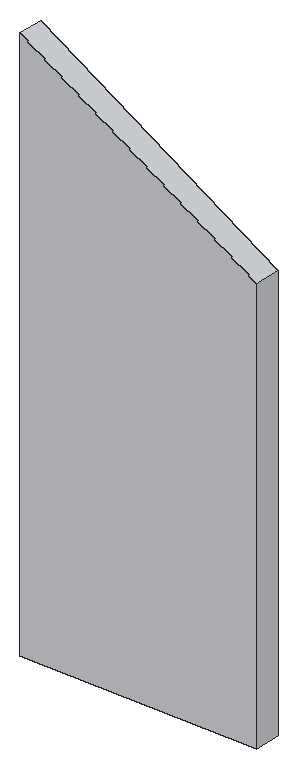
Revit family "EXP_WT-1C_CPan-010", category Curtain Panels, Revit 2021
Family settings
  OmniClass Number = 23.25.20.14.11.11.17
  OmniClass Title = Infill Panels
  Always vertical = Yes
  Cut with Voids When Loaded = No
  Shared = No
Parameters
  UI-UnitNumber [instance] = "001"
  UI-Quadrant [instance] = "SE"
  UI-ProjectAbbreviation = "NEU"
  UI-ItemCategory = "PID"
  UI-FloorNumber [instance] = "03"
  PNT-WallType = "WT1C"
  PNT-ProjectAbbreviation = "NEU"
  PNT-PanelType [instance] = "01"
  PNT-ItemCategory = "PNL"
  HSX [instance] = HModSX - CellH  # 12' - 0"
  HModSX [instance] = 13' - 6"
  HModDX [instance] = 18' - 1"
  HDX [instance] = HModDX - CellH  # 16' - 7"
  GlassH1 [instance] = none
  Define Thermal Properties by = Schematic Type
  CellSxH [instance] = HSX + CellH  # 13' - 6"
  CellSp = 0' - 10 3/16"
  CellL [instance] = 7' - 8"
  CellH2 [instance] = 9' - 8"
  CellH [instance] = 1' - 6"
  CellDxH [instance] = HDX + CellH  # 18' - 1"
  CellAngle [instance] = 45.00°
  AncleTrapezoid [instance] = 120.872°
  Analytic Construction = "<None>"
Reference planes (in)
  plane 1 "Center (Front/Back)": y = 0
  plane 2: z = 0
  plane 3 "Center (Left/Right)": x = 0
  plane 4 "Left": x = -46
  plane 5 "Right": x = 46
  plane 6 "Top": z = 18
  plane 7: y = -10.1875
  plane 8: z = 162
  plane 9: z = 217
Forms (in)
  Extrusion 1, solid, material <- "GlassH1"
    sketch origin (0, 0, 0) x (1, 0, 0) y (0, 0, 1)
      loop
        line (46, 162) -> (-46, 217) -> (-46, 0) -> (46, 0) -> (46, 162)
    from 0 to 10.1875
Lines and regions (in)
  reference lines
    curve 1: line (46, 0, 162) -> (-46, 0, 217)
Text (in)
  text "Exterior" at (-92.59733, 55.75508, 0), in view "Ref. Level"
  text "Exterior" at (0, 90.18664, 173.49264), in view "Left"
  text "Exterior" at (0, 52.29083, 162.21847), in view "Right"
Dimensions and locks (in)
  equal spacing: plane 4 "Left", plane 3 "Center (Left/Right)", plane 5 "Right"  (x2)
  "CellL": plane 4 "Left" to plane 5 "Right"
  "CellSp": plane 7 to plane 1 "Center (Front/Back)"
  "CellH": plane 2 to plane 6 "Top"
  "HSX": plane 6 "Top" to plane 8
  "HDX": plane 6 "Top" to plane 9
  "AncleTrapezoid": angle plane 5 "Right" to curve 1
  aligned and locked: level to plane 2
  aligned and locked: plane 5 "Right" to Extrusion 1 sketch curve
  aligned and locked: Extrusion 1 sketch curve to plane 4 "Left"
  aligned and locked: Extrusion 1 to plane 7
  aligned and locked: plane 2 to Extrusion 1 sketch curve
Automatic sketch dimensions
  Extrusion 1 sketch curve to plane 8 = 0' - 0"
  Extrusion 1 sketch curve to plane 9 = 0' - 0"
  curve 1 to plane 4 "Left" = 0' - 0"
  curve 1 to plane 8 = 0' - 0"
